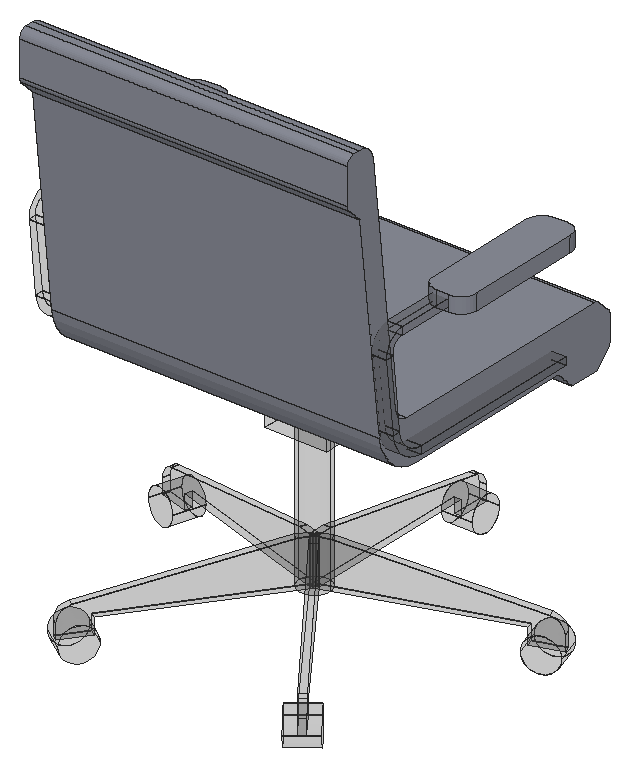
Revit family
Parameters (values of type "Chair-Task Arms")
  Assembly Code = "E2020200"
  Base Material = Plastic - Black
  Caster Material = Plastic - Black
  Seat/Back Material = Textile - Slate Blue
Reference planes
  plane 1 "Center (Front/Back)": y = 18.946
  plane 2: z = 0
  plane 3 "Center (Left/Right)": x = 140.991
  plane 4: x = 458.491
  plane 5: x = -176.509
  plane 6: y = -323.954
  plane 7: y = 361.846
  plane 8: z = 889
  plane 9: z = 457.2
  plane 10: y = -247.754
  plane 11: z = 863.6
  plane 12: y = 285.646
  plane 13: y = 260.246
  plane 14: z = 431.8
  plane 15: y = -222.354
  plane 16: z = 787.4
  plane 17: z = 355.6
  plane 18: x = 191.791
  plane 19: x = 90.191
  plane 20: x = 420.391
  plane 21: x = -138.409
  plane 22: z = 609.6
  plane 23: z = 609.6
Forms (mm)
  Extrusion 1, solid, material "Textile - Slate Blue" <- "Seat/Back Material"
    sketch origin (-176.509, 0, 0) x (0, -1, 0) y (0, 0, 1)
      loop
        arc (-255.01, 457.2) -> (-259.851, 456.241) -> (-263.96, 453.51) r 12.7
        line (-263.96, 453.51) -> (-281.896, 435.694)
        arc (-281.896, 435.694) -> (-284.671, 431.563) -> (-285.646, 426.684) r 12.7
        line (-285.646, 426.684) -> (-285.646, 391.641)
        arc (-285.646, 391.641) -> (-283.729, 381.96) -> (-278.266, 373.74) r 25.4
        line (-278.266, 373.74) -> (-260.247, 355.6) -> (-209.447, 355.6) -> (-181.074, 383.784) -> (107.109, 383.784)
        arc (107.109, 383.784) -> (157.745, 403.041) -> (182.787, 451.08) r 76.2
        line (182.787, 451.08) -> (222.354, 787.4) -> (244.034, 809.08)
        arc (244.034, 809.08) -> (246.787, 813.2) -> (247.754, 818.061) r 12.7
        line (247.754, 818.061) -> (247.754, 876.3)
        arc (247.754, 876.3) -> (244.034, 885.28) -> (235.054, 889) r 12.7
        line (235.054, 889) -> (222.179, 889)
        arc (222.179, 889) -> (205.3, 882.581) -> (196.953, 866.568) r 25.4
        line (196.953, 866.568) -> (151.431, 479.632)
        arc (151.431, 479.632) -> (143.084, 463.619) -> (126.205, 457.2) r 25.4
        line (126.205, 457.2) -> (-255.01, 457.2)
    from -50.8 to -584.2
  Extrusion 2, solid, material "Plastic - Black" <- "Base Material"
    sketch origin (191.791, 0, 0) x (0, -1, 0) y (0, 0, 1)
      loop
        line (19.154, 383.784) -> (-69.746, 383.784) -> (-69.746, 371.084) -> (-18.946, 283.095) -> (19.154, 283.095) -> (19.154, 383.784)
    from 0 to 101.6
  Extrusion 3, solid, material "Plastic - Black" <- "Base Material"
    sketch origin (140.991, 0, 0) x (0, 1, 0) y (0, 0, 1)
      loop
        line (18.946, 53.584) -> (311.046, 53.584) -> (311.046, 28.184) -> (361.846, 28.184) -> (361.846, 52.487)
        arc (361.846, 52.487) -> (355.903, 68.813) -> (340.857, 77.501) r 25.4
        line (340.857, 77.501) -> (44.346, 129.784) -> (18.946, 129.784) -> (18.946, 53.584)
    from 6.35 to -6.35
  Extrusion 4, solid, material "Plastic - Black" <- "Caster Material"
    sketch origin (140.991, 0, 0) x (0, 1, 0) y (0, 0, 1)
      loop
        circle (336.446, 28.184) r 28.2
    from 25.4 to -25.4
  Extrusion 5, solid, material "Plastic - Black" <- "Base Material"
    sketch origin (159.009, 13.091, 0) x (-0.951057, 0.309017, 0) y (0, 0, 1)
      loop
        line (18.946, 53.584) -> (311.046, 53.584) -> (311.046, 28.184) -> (361.846, 28.184) -> (361.846, 52.487)
        arc (361.846, 52.487) -> (355.903, 68.813) -> (340.857, 77.501) r 25.4
        line (340.857, 77.501) -> (44.346, 129.784) -> (18.946, 129.784) -> (18.946, 53.584)
    from 6.35 to -6.35
  Extrusion 6, solid, material "Plastic - Black" <- "Caster Material"
    sketch origin (159.009, 13.091, 0) x (-0.951057, 0.309017, 0) y (0, 0, 1)
      loop
        circle (336.446, 28.184) r 28.2
    from 25.4 to -25.4
  Extrusion 7, solid, material "Plastic - Black" <- "Base Material"
    sketch origin (152.127, 34.273, 0) x (-0.587785, -0.809017, 0) y (0, 0, 1)
      loop
        line (18.946, 53.584) -> (311.046, 53.584) -> (311.046, 28.184) -> (361.846, 28.184) -> (361.846, 52.487)
        arc (361.846, 52.487) -> (355.903, 68.813) -> (340.857, 77.501) r 25.4
        line (340.857, 77.501) -> (44.346, 129.784) -> (18.946, 129.784) -> (18.946, 53.584)
    from 6.35 to -6.35
  Extrusion 8, solid, material "Plastic - Black" <- "Caster Material"
    sketch origin (152.127, 34.273, 0) x (-0.587785, -0.809017, 0) y (0, 0, 1)
      loop
        circle (336.446, 28.184) r 28.2
    from 25.4 to -25.4
  Extrusion 9, solid, material "Plastic - Black" <- "Base Material"
    sketch origin (129.855, 34.273, 0) x (0.587785, -0.809017, 0) y (0, 0, 1)
      loop
        line (18.946, 53.584) -> (311.046, 53.584) -> (311.046, 28.184) -> (361.846, 28.184) -> (361.846, 52.487)
        arc (361.846, 52.487) -> (355.903, 68.813) -> (340.857, 77.501) r 25.4
        line (340.857, 77.501) -> (44.346, 129.784) -> (18.946, 129.784) -> (18.946, 53.584)
    from 6.35 to -6.35
  Extrusion 10, solid, material "Plastic - Black" <- "Caster Material"
    sketch origin (129.855, 34.273, 0) x (0.587785, -0.809017, 0) y (0, 0, 1)
      loop
        circle (336.446, 28.184) r 28.2
    from 25.4 to -25.4
  Extrusion 11, solid, material "Plastic - Black" <- "Base Material"
    sketch origin (122.972, 13.091, 0) x (0.951057, 0.309017, 0) y (0, 0, 1)
      loop
        line (18.946, 53.584) -> (311.046, 53.584) -> (311.046, 28.184) -> (361.846, 28.184) -> (361.846, 52.487)
        arc (361.846, 52.487) -> (355.903, 68.813) -> (340.857, 77.501) r 25.4
        line (340.857, 77.501) -> (44.346, 129.784) -> (18.946, 129.784) -> (18.946, 53.584)
    from 6.35 to -6.35
  Extrusion 12, solid, material "Plastic - Black" <- "Caster Material"
    sketch origin (122.972, 13.091, 0) x (0.951057, 0.309017, 0) y (0, 0, 1)
      loop
        circle (336.446, 28.184) r 28.2
    from 25.4 to -25.4
  Extrusion 13, solid, material "Plastic - Black" <- "Base Material"
    sketch origin (0, 0, 0) x (1, 0, 0) y (0, 1, 0)
      loop
        circle (140.991, 18.946) r 25.4
    from 53.584 to 384.175
  Sweep 14, solid, material "Plastic - Black" <- "Base Material"
    path origin (420.391, 0, 0) x (0, -1, 0) y (0, 0, 1)
      loop
        line (-167.032, 419.1) -> (128.329, 419.1)
        arc (128.329, 419.1) -> (162.087, 431.938) -> (178.781, 463.964) r 50.8
        line (178.781, 463.964) -> (192.578, 581.232)
        arc (192.578, 581.232) -> (186.332, 601.079) -> (167.352, 609.6) r 25.4
        line (167.352, 609.6) -> (-18.946, 609.6)
    profile origin (420.391, 19.351, 0) x (0, 0, 1) y (-1, 0, 0)
      loop
        line (425.45, 12.7) -> (412.75, 12.7) -> (412.75, -12.7) -> (425.45, -12.7) -> (425.45, 12.7)
  Sweep 15, solid, material "Plastic - Black" <- "Base Material"
    path origin (-138.409, 0, 0) x (0, -1, 0) y (0, 0, 1)
      loop
        line (-167.032, 419.1) -> (126.239, 419.1)
        arc (126.239, 419.1) -> (159.996, 431.938) -> (176.691, 463.964) r 50.8
        line (176.691, 463.964) -> (190.487, 581.232)
        arc (190.487, 581.232) -> (184.242, 601.079) -> (165.261, 609.6) r 25.4
        line (165.261, 609.6) -> (-18.946, 609.6)
    profile origin (-138.409, 20.397, 0) x (0, 0, 1) y (-1, 0, 0)
      loop
        line (412.75, -12.7) -> (425.45, -12.7) -> (425.45, 12.7) -> (412.75, 12.7) -> (412.75, -12.7)
  Extrusion 16, solid, material "Textile - Slate Blue" <- "Seat/Back Material"
    sketch origin (407.691, 167.032, 425.45) x (0, -1, 0) y (1, 0, 0)
      loop
        line (241.235, 6.35) -> (241.235, 25.4)
        arc (241.235, 25.4) -> (233.795, 43.361) -> (215.835, 50.8) r 25.4
        line (215.835, 50.8) -> (25.4, 50.8)
        arc (25.4, 50.8) -> (7.439, 43.361) -> (0, 25.4) r 25.4
        line (0, 25.4) -> (0, 6.35)
        arc (0, 6.35) -> (7.439, -11.611) -> (25.4, -19.05) r 25.4
        line (25.4, -19.05) -> (215.835, -19.05)
        arc (215.835, -19.05) -> (233.795, -11.611) -> (241.235, 6.35) r 25.4
      loop
        line (240.19, -558.8) -> (240.19, -539.75)
        arc (240.19, -539.75) -> (232.75, -521.789) -> (214.79, -514.35) r 25.4
        line (214.79, -514.35) -> (25.4, -514.35)
        arc (25.4, -514.35) -> (7.439, -521.789) -> (0, -539.75) r 25.4
        line (0, -539.75) -> (0, -558.8)
        arc (0, -558.8) -> (7.439, -576.761) -> (25.4, -584.2) r 25.4
        line (25.4, -584.2) -> (214.79, -584.2)
        arc (214.79, -584.2) -> (232.75, -576.761) -> (240.19, -558.8) r 25.4
    from 171.45 to 196.85
Lines and regions (mm)
  symbolic lines
    curve 1: line (-125.709, -161.054, 0) -> (407.691, -161.054, 0)
Dimensions and locks
  equal spacing: plane 5, plane 3 "Center (Left/Right)", plane 4
  plane 5 to plane 4 = 635 mm
  equal spacing: plane 6, plane 1 "Center (Front/Back)", plane 7
  plane 6 to plane 7 = 685.8 mm
  aligned: curve 1 to Sweep 14
  aligned: Extrusion 1 to curve 1
Automatic sketch dimensions
  curve 1 to plane 21 = 12.7 mm
  plane 20 to curve 1 = 12.7 mm
  curve 1 to plane 6 = 162.9 mm
